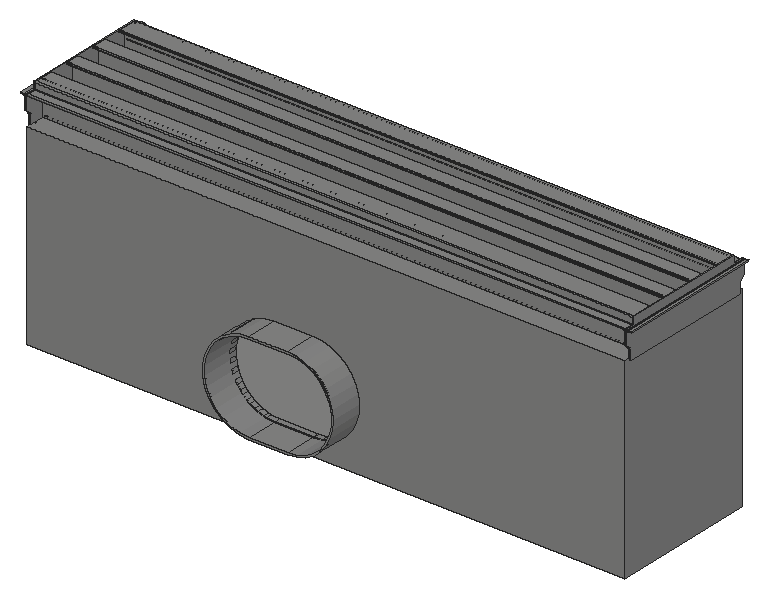
Revit family "Diffuser-Carnes-T_Bar_Mount-3-Slot-DHCA", category Duct Accessories, host Face, Revit 2014
Parameters (values of type "See Type Catalog")
  Supply Connector = yes
  Supply Connection = "Diffuser Supply Connector"  # constant formula
  Subcatagory = "Air Distribution"  # constant formula
  Specification Sheet = "http://www.carnes.com/AirDistribution/pdf/13102.pdf"
  Revit Object Download Link = "http://library.smartbim.com/download/Diffuser-Carnes-T_Bar_Mount-3-Slot-DHCA"
  Product Page URL = "http://www.carnes.com/AirDistribution/dhca.phtml"
  Length = 24"
  Inlet Nominal Size Width = 5"
  Inlet Nominal Size Height D = if(Inlet Nominal Size Width > 6", 5 1/4", 3 1/2")  # 3 1/2"
  Height = 9 1/16"  # constant formula
  Flow = 0 CFM
  Description = "Extruded Aluminum 3 Slot Diffuser 15/16In T-Bar Tegular Mount"  # constant formula
  Profile Depth = 5 47/64"
  URL = "http://www.carnes.com/"
  Model = "DHCA"  # constant formula
  Unit = Metal - Carnes - Steel Galvanized
  Manufacturer = "CARNES COMPANY"  # constant formula
  Depth = 2 3/4"
  Default Elevation = 0"
  D Depth = 5.75918"
  Catalog = "http://www.carnes.com/AirDistribution/pdf/a462-465.pdf"
  Box Length = Length - 1/2"  # 23 1/2"
  B Radius = Inlet Width + 3"  # 9 1/2"
  Inlet Width = 6 1/2"
  Assembly Code = ""
  Inlet Offset = 10 1/2"
  95 CSI = ""
  04 CSI = ""
Reference planes (in)
  plane 1 "Center (Front/Back)": y = 0
  plane 2: z = 0
  plane 3 "Center (Left/Right)": x = 0.94
  plane 4: z = -1.25
  plane 5: y = 2.86719
  plane 6: y = -2.86719
  plane 7: z = 1.44451
  plane 8: x = -11.06
  plane 9: x = 12.94
  plane 10: z = -8.05549
  plane 11: z = -9.0625
Forms (in)
  Extrusion 1, void
    sketch origin (0.94, 0, 0) x (0, 1, 0) y (0, 0, 1)
      loop
        line (-2.86719, 1.44451) -> (-2.86719, -8.05549) -> (2.85478, -8.05549) -> (2.89199, 1.44451) -> (-2.86719, 1.44451)
    from -12 to 12
Dimensions and locks (in)
  locked: plane 2 to plane 4 at 1.25
  equal spacing: plane 6, plane 1 "Center (Front/Back)", plane 5
  "Profile Depth": plane 6 to plane 5
  locked: plane 7 to host face at 1.44451
  equal spacing: plane 8, plane 3 "Center (Left/Right)", plane 9
  "Length": plane 8 to plane 9
  "D Depth": Extrusion 1 sketch curve to Extrusion 1 sketch curve
  plane 2 to plane 10 = 8.05549"
  "Height": plane 2 to plane 11
  equal spacing: host sketch curve, plane 1 "Center (Front/Back)", host sketch curve
  equal spacing: host sketch curve, plane 3 "Center (Left/Right)", host sketch curve
  aligned and locked: plane 2 to host face
  aligned and locked: level to host face
  aligned and locked: Extrusion 1 to plane 7
  aligned and locked: Extrusion 1 to plane 10
  aligned and locked: plane 9 to Extrusion 1
  aligned and locked: plane 8 to Extrusion 1
  aligned and locked: Extrusion 1 sketch curve to nested 1
  aligned and locked: plane 1 "Center (Front/Back)" to nested 1
  aligned and locked: nested 1 to plane 3 "Center (Left/Right)"
  aligned and locked: plane 1 "Center (Front/Back)" to nested 2
  aligned and locked: nested 2 to plane 3 "Center (Left/Right)"
Automatic sketch dimensions
  Extrusion 1 sketch curve to plane 10 = 0"
  plane 7 to Extrusion 1 sketch curve = 0"
  plane 5 to Extrusion 1 sketch curve = 0.0124"
Nested families (in)
  nested 1: "602-1101" at (1.88, 0, 0.04219) x (-1, 0, 0) z (0, 0, -1), type "Slot 3"
  nested 2: "CXPC" at (1.88, 0, 0.05188) x (-1, 0, 0) z (0, 0, -1), type "Parametric"
Connectors (in)
  hvac at (-0.31, -4.12959, -6.58911), driven by "Inlet Nominal Size Height D", driven by "Inlet Nominal Size Width", driven by "Supply Connector", driven by "Supply Connection"
    settings: on nested 2, index 1, duct flow 0 CFM, flow factor 0, pres drop 0.00 in-wg, loss coef 0, conn angle 0.00°, conn width 5", conn height 3 1/2", conn diameter 24", duct sys type 1, conn prof type 2, flow config 1, flow direction 1, loss method 0, conn ref index -1, conn util yes, is conn primary yes, conn desc "Diffuser Supply Connector"
Definition of nested family "602-1101"
  Parameters (values of type "Slot 3")
    Supply Connector = yes
    Supply Connection = ""
    Subcatagory = ""
    Specification Sheet = ""
    Product Page URL = ""
    Length = 24"
    URL = ""
    Model = "602-1091"  # constant formula
    Unit = Metal - Carnes - Steel Galvanized
    Manufacturer = ""
    Height = 1 57/128"  # constant formula
    Flow = 0 CFM
    Description = ""
    Depth = 5 47/64"  # constant formula
    Default Elevation = 0"
    Catalog = ""
    Assembly Code = ""
    95 CSI = ""
    04 CSI = ""
  Reference planes (in)
    plane 1 "Center (Front/Back)": y = 0
    plane 2: z = 0
    plane 3 "Center (Left/Right)": x = 0.94
    plane 4: z = -1.25
    plane 5: x = -11.06
    plane 6: x = 12.94
    plane 7: y = 2.86719
    plane 8: y = -2.86719
    plane 9: z = 1.44531
  Forms (in)
    Extrusion 1, solid
      sketch origin (0, 0, 0) x (1, 0, 0) y (0, 1, 0)
        loop
          line (-11.06, 2.86719) -> (-11.06, -2.86719) -> (12.94, -2.86719) -> (12.94, 2.86719) -> (-11.06, 2.86719)
      from 0 to -1
  Dimensions and locks (in)
    locked: plane 2 to plane 4 at 1.25
    equal spacing: plane 8, plane 1 "Center (Front/Back)", plane 7
    "Depth": plane 8 to plane 7
    equal spacing: plane 5, plane 3 "Center (Left/Right)", plane 6
    "Length": plane 5 to plane 6
    "Height": plane 9 to Extrusion 1
    aligned and locked: plane 2 to Extrusion 1
    aligned and locked: level to Extrusion 1
    aligned and locked: plane 7 to Extrusion 1 sketch curve
    aligned and locked: Extrusion 1 sketch curve to plane 8
    aligned and locked: Extrusion 1 sketch curve to plane 6
    aligned and locked: Extrusion 1 sketch curve to plane 5
  Nested families (in)
    nested 1: "602-1101-3Slot" at (-0.0019, 0, -0.00186) x (1, 0, -0.0002) z (0.0002, 0, 1), type "Standard"
  Definition of nested family "602-1101-3Slot"
    Parameters (values of type "Standard")
      Length = 24"
      URL = ""
      Model = "DARD"  # constant formula
      Unit = Metal - Carnes - Steel Galvanized
      Manufacturer = ""
      Height = 1 57/128"
      Depth = 5 47/64"
      Default Elevation = 0"
      Assembly Code = ""
      95 CSI = ""
      04 CSI = ""
    Reference planes (in)
      plane 1 "Center (Front/Back)": y = 0
      plane 2: z = 0
      plane 3 "Center (Left/Right)": x = 0.94
      plane 4: x = 12.94
      plane 5: x = -11.06
      plane 6: x = -10.84125
      plane 7: x = 12.72125
      plane 8: y = 2.86719
      plane 9: y = -2.86719
      plane 10: z = 1.44531
      plane 11: x = -10.80609
      plane 12: x = 12.68609
    Forms (in)
      Extrusion 1, solid
        sketch origin (0, -5, 0) x (1, 0, 0) y (0, 1, 0)
          loop
            line (-11.06, 7.86719) -> (-11.06, 2.13281) -> (12.94, 2.13281) -> (12.94, 7.86719) -> (-11.06, 7.86719)
        from 0 to -1
      Sweep 2, solid, material "Metal - Carnes - Steel Galvanized" <- "Unit"
        path origin (0, 0, 0) x (1, 0, 0) y (0, 0, 1)
          loop
            line (-10.80609, 0) -> (12.68609, 0)
        profile origin (0.94, 0, 0) x (0, 0, 1) y (0, -1, 0)
          loop
            arc (0, -2.41798) -> (0.00982, -2.44168) -> (0.03352, -2.4515) r 0.03352
            line (0.03352, -2.4515) -> (0.26692, -2.45154)
            arc (0.26692, -2.45154) -> (0.28218, -2.45787) -> (0.2885, -2.47313) r 0.02159
            line (0.2885, -2.47313) -> (0.2885, -2.80331)
            arc (0.2885, -2.80331) -> (0.3135, -2.82831) -> (0.3385, -2.80331) r 0.025
            line (0.3385, -2.80331) -> (0.3385, -2.42214)
            arc (0.3385, -2.42214) -> (0.33247, -2.40758) -> (0.31792, -2.40155) r 0.02058
            line (0.31792, -2.40155) -> (0.08017, -2.40151)
            arc (0.08017, -2.40151) -> (0.06561, -2.39548) -> (0.05958, -2.38091) r 0.0206
            line (0.05958, -2.38091) -> (0.05963, -2.08983)
            arc (0.05963, -2.08983) -> (0.06587, -2.07476) -> (0.08095, -2.06851) r 0.02132
            line (0.08095, -2.06851) -> (0.12164, -2.06851) -> (0.12164, -2.01851) -> (0.05971, -2.01851) -> (0.05971, -1.94951) -> (0.60565, -1.9496) -> (0.60565, -2.01579) -> (0.54364, -2.01579) -> (0.54364, -2.04655)
            arc (0.54364, -2.04655) -> (0.54989, -2.06165) -> (0.56499, -2.06791) r 0.02135
            line (0.56499, -2.06791) -> (0.63371, -2.06791)
            arc (0.63371, -2.06791) -> (0.64992, -2.06119) -> (0.65663, -2.04499) r 0.02292
            line (0.65663, -2.04499) -> (0.65663, -1.9706)
            arc (0.65663, -1.9706) -> (0.66278, -1.95576) -> (0.67762, -1.94962) r 0.02098
            line (0.67762, -1.94962) -> (1.42254, -1.94975)
            arc (1.42254, -1.94975) -> (1.43835, -1.9432) -> (1.44491, -1.92739) r 0.02236
            line (1.44491, -1.92739) -> (1.44493, -1.79691)
            arc (1.44493, -1.79691) -> (1.43873, -1.78195) -> (1.42377, -1.77575) r 0.02116
            line (1.42377, -1.77575) -> (1.32645, -1.77573)
            arc (1.32645, -1.77573) -> (1.31176, -1.78181) -> (1.30568, -1.7965) r 0.02077
            line (1.30568, -1.7965) -> (1.30567, -1.85173) -> (1.36767, -1.85174) -> (1.36766, -1.89974) -> (0.08966, -1.89951) -> (0.08966, -1.85152) -> (0.15149, -1.85152) -> (0.15149, -1.79603)
            arc (0.15149, -1.79603) -> (0.14542, -1.78138) -> (0.13076, -1.7753) r 0.02073
            line (0.13076, -1.7753) -> (0.07996, -1.7753)
            arc (0.07996, -1.7753) -> (0.06564, -1.76937) -> (0.05971, -1.75505) r 0.02025
            line (0.05971, -1.75505) -> (0.05971, -1.66344)
            arc (0.05971, -1.66344) -> (0.05396, -1.64956) -> (0.04008, -1.64382) r 0.01962
            line (0.04008, -1.64382) -> (0, -1.64382) -> (0, -2.41798)
          loop
            line (0, 2.44142) -> (0, 1.66725) -> (0.04008, 1.66725)
            arc (0.04008, 1.66725) -> (0.05396, 1.673) -> (0.05971, 1.68688) r 0.01962
            line (0.05971, 1.68688) -> (0.05971, 1.77849)
            arc (0.05971, 1.77849) -> (0.06564, 1.79281) -> (0.07996, 1.79874) r 0.02025
            line (0.07996, 1.79874) -> (0.13076, 1.79874)
            arc (0.13076, 1.79874) -> (0.14542, 1.80481) -> (0.15149, 1.81947) r 0.02073
            line (0.15149, 1.81947) -> (0.15149, 1.87496) -> (0.08966, 1.87496) -> (0.08966, 1.92295) -> (1.36766, 1.92318) -> (1.36767, 1.87518) -> (1.30567, 1.87517) -> (1.30568, 1.81993)
            arc (1.30568, 1.81993) -> (1.31176, 1.80525) -> (1.32645, 1.79917) r 0.02077
            line (1.32645, 1.79917) -> (1.42377, 1.79919)
            arc (1.42377, 1.79919) -> (1.43873, 1.80539) -> (1.44493, 1.82035) r 0.02116
            line (1.44493, 1.82035) -> (1.44491, 1.95083)
            arc (1.44491, 1.95083) -> (1.43835, 1.96664) -> (1.42254, 1.97319) r 0.02236
            line (1.42254, 1.97319) -> (0.67762, 1.97306)
            arc (0.67762, 1.97306) -> (0.66278, 1.9792) -> (0.65663, 1.99404) r 0.02098
            line (0.65663, 1.99404) -> (0.65663, 2.06843)
            arc (0.65663, 2.06843) -> (0.64992, 2.08463) -> (0.63371, 2.09134) r 0.02292
            line (0.63371, 2.09134) -> (0.56499, 2.09134)
            arc (0.56499, 2.09134) -> (0.54989, 2.08509) -> (0.54364, 2.06999) r 0.02135
            line (0.54364, 2.06999) -> (0.54364, 2.03922) -> (0.60565, 2.03922) -> (0.60565, 1.97304) -> (0.05971, 1.97295) -> (0.05971, 2.04195) -> (0.12164, 2.04195) -> (0.12164, 2.09195) -> (0.08095, 2.09195)
            arc (0.08095, 2.09195) -> (0.06587, 2.09819) -> (0.05963, 2.11327) r 0.02132
            line (0.05963, 2.11327) -> (0.05958, 2.40434)
            arc (0.05958, 2.40434) -> (0.06561, 2.41891) -> (0.08017, 2.42495) r 0.0206
            line (0.08017, 2.42495) -> (0.31792, 2.42499)
            arc (0.31792, 2.42499) -> (0.33247, 2.43102) -> (0.3385, 2.44557) r 0.02058
            line (0.3385, 2.44557) -> (0.3385, 2.82675)
            arc (0.3385, 2.82675) -> (0.3135, 2.85175) -> (0.2885, 2.82675) r 0.025
            line (0.2885, 2.82675) -> (0.2885, 2.49657)
            arc (0.2885, 2.49657) -> (0.28218, 2.48131) -> (0.26692, 2.47498) r 0.02159
            line (0.26692, 2.47498) -> (0.03352, 2.47494)
            arc (0.03352, 2.47494) -> (0.00982, 2.46512) -> (0, 2.44142) r 0.03352
          loop
            line (1.44493, 0.53129) -> (1.44493, 0.78129)
            arc (1.44493, 0.78129) -> (1.43873, 0.79625) -> (1.42377, 0.80245) r 0.02116
            line (1.42377, 0.80245) -> (1.32645, 0.80247)
            arc (1.32645, 0.80247) -> (1.31176, 0.79639) -> (1.30568, 0.7817) r 0.02077
            line (1.30568, 0.7817) -> (1.30567, 0.72647) -> (1.36767, 0.72646) -> (1.36766, 0.67846) -> (0.08966, 0.67869) -> (0.08966, 0.72668) -> (0.15149, 0.72668) -> (0.15149, 0.78217)
            arc (0.15149, 0.78217) -> (0.14542, 0.79682) -> (0.13076, 0.80289) r 0.02073
            line (0.13076, 0.80289) -> (0.07996, 0.80289)
            arc (0.07996, 0.80289) -> (0.06564, 0.80883) -> (0.05971, 0.82315) r 0.02025
            line (0.05971, 0.82315) -> (0.05971, 0.91476)
            arc (0.05971, 0.91476) -> (0.05396, 0.92864) -> (0.04008, 0.93438) r 0.01962
            line (0.04008, 0.93438) -> (0, 0.93438) -> (0, 0.37819) -> (0.04008, 0.37819)
            arc (0.04008, 0.37819) -> (0.05396, 0.38394) -> (0.05971, 0.39782) r 0.01962
            line (0.05971, 0.39782) -> (0.05971, 0.48943)
            arc (0.05971, 0.48943) -> (0.06564, 0.50375) -> (0.07996, 0.50968) r 0.02025
            line (0.07996, 0.50968) -> (0.13076, 0.50968)
            arc (0.13076, 0.50968) -> (0.14542, 0.51575) -> (0.15149, 0.53041) r 0.02073
            line (0.15149, 0.53041) -> (0.15149, 0.5859) -> (0.08966, 0.5859) -> (0.08966, 0.63389) -> (1.36766, 0.63411) -> (1.36767, 0.58611) -> (1.30567, 0.5861) -> (1.30568, 0.53087)
            arc (1.30568, 0.53087) -> (1.31176, 0.51619) -> (1.32645, 0.51011) r 0.02077
            line (1.32645, 0.51011) -> (1.42377, 0.51012)
            arc (1.42377, 0.51012) -> (1.43873, 0.51632) -> (1.44493, 0.53129) r 0.02116
          loop
            arc (1.44493, -0.50785) -> (1.43873, -0.49289) -> (1.42377, -0.48669) r 0.02116
            line (1.42377, -0.48669) -> (1.32645, -0.48667)
            arc (1.32645, -0.48667) -> (1.31176, -0.49275) -> (1.30568, -0.50743) r 0.02077
            line (1.30568, -0.50743) -> (1.30567, -0.56267) -> (1.36767, -0.56268) -> (1.36766, -0.61068) -> (0.08966, -0.61045) -> (0.08966, -0.56246) -> (0.15149, -0.56246) -> (0.15149, -0.50697)
            arc (0.15149, -0.50697) -> (0.14542, -0.49231) -> (0.13076, -0.48624) r 0.02073
            line (0.13076, -0.48624) -> (0.07996, -0.48624)
            arc (0.07996, -0.48624) -> (0.06564, -0.48031) -> (0.05971, -0.46599) r 0.02025
            line (0.05971, -0.46599) -> (0.05971, -0.37438)
            arc (0.05971, -0.37438) -> (0.05396, -0.3605) -> (0.04008, -0.35475) r 0.01962
            line (0.04008, -0.35475) -> (0, -0.35475) -> (0, -0.91095) -> (0.04008, -0.91095)
            arc (0.04008, -0.91095) -> (0.05396, -0.9052) -> (0.05971, -0.89132) r 0.01962
            line (0.05971, -0.89132) -> (0.05971, -0.79971)
            arc (0.05971, -0.79971) -> (0.06564, -0.78539) -> (0.07996, -0.77946) r 0.02025
            line (0.07996, -0.77946) -> (0.13076, -0.77946)
            arc (0.13076, -0.77946) -> (0.14542, -0.77339) -> (0.15149, -0.75873) r 0.02073
            line (0.15149, -0.75873) -> (0.15149, -0.70324) -> (0.08966, -0.70324) -> (0.08966, -0.65525) -> (1.36766, -0.65502) -> (1.36767, -0.70302) -> (1.30567, -0.70303) -> (1.30568, -0.75827)
            arc (1.30568, -0.75827) -> (1.31176, -0.77295) -> (1.32645, -0.77903) r 0.02077
            line (1.32645, -0.77903) -> (1.42377, -0.77901)
            arc (1.42377, -0.77901) -> (1.43873, -0.77281) -> (1.44493, -0.75785) r 0.02116
            line (1.44493, -0.75785) -> (1.44493, -0.50785)
      Sweep 3, solid, material "Metal - Carnes - Steel Galvanized" <- "Unit"
        path origin (0.94, 0, 0) x (0, 1, 0) y (0, 0, 1)
          loop
            line (2.86719, 1.44531) -> (-2.86719, 1.44531)
        profile origin (0.94, 0, 1.44531) x (0, 0, -1) y (1, 0, 0)
          loop
            line (1.08919, -11.78125) -> (0, -11.78125) -> (0, -11.81789) -> (1.08734, -11.81789)
            arc (1.08734, -11.81789) -> (1.1101, -11.82732) -> (1.11953, -11.85009) r 0.0322
            line (1.11953, -11.85009) -> (1.11953, -12) -> (1.15543, -12) -> (1.15543, -11.8475)
            arc (1.15543, -11.8475) -> (1.13603, -11.80065) -> (1.08919, -11.78125) r 0.06625
          loop
            arc (1.08919, 11.78125) -> (1.13603, 11.80065) -> (1.15543, 11.8475) r 0.06625
            line (1.15543, 11.8475) -> (1.15543, 12) -> (1.11953, 12) -> (1.11953, 11.85009)
            arc (1.11953, 11.85009) -> (1.1101, 11.82732) -> (1.08734, 11.81789) r 0.0322
            line (1.08734, 11.81789) -> (0, 11.81789) -> (0, 11.78125) -> (1.08919, 11.78125)
      Extrusion 4, void
        sketch origin (0.94, 0, 0) x (0, 1, 0) y (0, 0, 1)
          loop
            line (2.72305, 0.99566) -> (2.86719, 0.85147) -> (2.86719, 1.44531) -> (2.62305, 1.44531)
            arc (2.62305, 1.44531) -> (2.66322, 1.42867) -> (2.67986, 1.38849) r 0.05681
            line (2.67986, 1.38849) -> (2.67981, 1.10012)
            arc (2.67981, 1.10012) -> (2.69104, 1.04358) -> (2.72305, 0.99566) r 0.14772
          loop
            arc (-2.72305, 0.99566) -> (-2.69104, 1.04358) -> (-2.67981, 1.10012) r 0.14772
            line (-2.67981, 1.10012) -> (-2.67986, 1.38849)
            arc (-2.67986, 1.38849) -> (-2.66322, 1.42867) -> (-2.62305, 1.44531) r 0.05681
            line (-2.62305, 1.44531) -> (-2.86719, 1.44531) -> (-2.86719, 0.85147) -> (-2.72305, 0.99566)
        from -12 to 12
      Sweep 5, solid, material "Metal - Carnes - Steel Galvanized" <- "Unit"
        path origin (0, 0, 0) x (1, 0, 0) y (0, 0, 1)
          loop
            line (12.72125, 0.85147) -> (12.68609, 0.85147)
        profile origin (12.70367, 0, 0.85147) x (0, 0, -1) y (0, -1, 0)
          loop
            line (-0.59384, -2.86719) -> (0.56159, -2.86719) -> (0.56297, -2.47313)
            arc (0.56297, -2.47313) -> (0.56929, -2.45787) -> (0.58455, -2.45154) r 0.02159
            line (0.58455, -2.45154) -> (0.81795, -2.4515)
            arc (0.81795, -2.4515) -> (0.84165, -2.44168) -> (0.85147, -2.41798) r 0.03352
            line (0.85147, -2.41798) -> (0.85147, 2.44142)
            arc (0.85147, 2.44142) -> (0.84165, 2.46512) -> (0.81795, 2.47494) r 0.03352
            line (0.81795, 2.47494) -> (0.58455, 2.47498)
            arc (0.58455, 2.47498) -> (0.56929, 2.48131) -> (0.56297, 2.49657) r 0.02159
            line (0.56297, 2.49657) -> (0.56297, 2.86719) -> (-0.59384, 2.86719) -> (-0.59384, -2.86719)
      Sweep 6, solid, material "Metal - Carnes - Steel Galvanized" <- "Unit"
        path origin (0, 0, 0) x (1, 0, 0) y (0, 0, 1)
          loop
            line (-10.84125, 0.85147) -> (-10.80609, 0.85147)
        profile origin (-10.82367, 0, 0.85147) x (0, 0, 1) y (0, -1, 0)
          loop
            line (0.59384, 2.86719) -> (-0.56297, 2.86719) -> (-0.56297, 2.49657)
            arc (-0.56297, 2.49657) -> (-0.56929, 2.48131) -> (-0.58455, 2.47498) r 0.02159
            line (-0.58455, 2.47498) -> (-0.81795, 2.47494)
            arc (-0.81795, 2.47494) -> (-0.84165, 2.46512) -> (-0.85147, 2.44142) r 0.03352
            line (-0.85147, 2.44142) -> (-0.85147, -2.41798)
            arc (-0.85147, -2.41798) -> (-0.84165, -2.44168) -> (-0.81795, -2.4515) r 0.03352
            line (-0.81795, -2.4515) -> (-0.58455, -2.45154)
            arc (-0.58455, -2.45154) -> (-0.56929, -2.45787) -> (-0.56297, -2.47313) r 0.02159
            line (-0.56297, -2.47313) -> (-0.56297, -2.86719) -> (0.59384, -2.86719) -> (0.59384, 2.86719)
    Cuts and joins
      Extrusion 4 cuts Sweep 3
      Extrusion 4 cuts Sweep 5
      Extrusion 4 cuts Sweep 6
    Lines and regions (in)
      Masking region 1
        outline origin (0, 0, 0) x (1, 0, 0) y (0, 1, 0)
          loop
            line (-10.84125, 2.86719) -> (-11.06, 2.86719) -> (-11.06, -2.86719) -> (-10.84125, -2.86719) -> (-10.84125, -2.82749) -> (12.72125, -2.82749) -> (12.72125, -2.86719) -> (12.94, -2.86719) -> (12.94, 2.86719) -> (12.72125, 2.86719) -> (12.72125, 2.82749) -> (-10.84125, 2.82749) -> (-10.84125, 2.86719)
      symbolic lines, style "Diffuser"
        curve 1: line (-10.87789, 2.86719, 0) -> (-10.87789, -2.86719, 0)
        curve 2: line (-10.84125, -2.85093, 0) -> (-10.84125, 2.82749, 0)
        curve 3: line (12.72125, -1.66643, 0) -> (-10.84125, -1.66643, 0)
        curve 4: line (12.75789, -2.86719, 0) -> (12.75789, 2.86719, 0)
        curve 5: line (12.72125, -2.85093, 0) -> (12.72125, 2.82749, 0)
        curve 6: line (12.72125, 1.66725, 0) -> (-10.84125, 1.66725, 0)
        curve 7: line (12.72125, 0.91095, 0) -> (-10.84125, 0.91095, 0)
        curve 8: line (-10.84125, 0.35475, 0) -> (12.72125, 0.35475, 0)
        curve 9: line (-10.84125, -0.93356, 0) -> (12.72125, -0.93356, 0)
        curve 10: line (-10.84125, -0.37737, 0) -> (12.72125, -0.37737, 0)
    Dimensions and locks (in)
      locked: plane 6 to plane 5 at 0.21875
      locked: plane 4 to plane 7 at 0.21875
      equal spacing: plane 4, plane 3 "Center (Left/Right)", plane 5
      "Length": plane 4 to plane 5
      equal spacing: plane 8, plane 1 "Center (Front/Back)", plane 9
      "Depth": plane 9 to plane 8
      "Height": plane 10 to Extrusion 1
      locked: Sweep 5 sketch curve to Sweep 5 sketch curve at 0.03516
      locked: plane 7 to plane 12 at 0.03516
      locked: Sweep 6 sketch curve to Sweep 6 sketch curve at 0.03516
      locked: plane 6 to plane 11 at 0.03516
      aligned and locked: plane 2 to Extrusion 1
      aligned and locked: level to Extrusion 1
      aligned and locked: Sweep 3 sketch curve to plane 6
      aligned and locked: plane 7 to Sweep 3 sketch curve
      aligned and locked: Extrusion 4 to plane 4
      aligned and locked: Extrusion 4 to plane 5
      aligned and locked: plane 11 to Sweep 2 sketch curve
      aligned and locked: plane 12 to Sweep 2 sketch curve
      aligned and locked: plane 7 to Sweep 5 sketch curve
      aligned and locked: plane 6 to Sweep 6 sketch curve
      aligned and locked: Extrusion 1 sketch curve to plane 9
      aligned and locked: plane 5 to Extrusion 1 sketch curve
      aligned and locked: Extrusion 1 sketch curve to plane 8
      aligned and locked: plane 4 to Extrusion 1 sketch curve
    Automatic sketch dimensions
      Sweep 2 sketch curve to level = 0"
      profile plane to Sweep 2 sketch curve = 0"  (x4)
      Sweep 2 sketch curve to profile plane = 0.03352"  (x3)
      Sweep 2 sketch curve to Sweep 2 sketch curve = 0.03352"
      Sweep 2 sketch curve to Sweep 2 sketch curve = 0.04008"  (x5)
      Sweep 2 sketch curve to profile plane = 0.04008"
      Sweep 2 sketch curve to Sweep 2 sketch curve = 0.02605"  (x2)
      Sweep 2 sketch curve to profile plane = 0.05963"  (x2)
      Sweep 2 sketch curve to profile plane = 0.05971"  (x7)
      Sweep 2 sketch curve to Sweep 2 sketch curve = 0.01962"
      Sweep 2 sketch curve to Sweep 2 sketch curve = 0.02025"  (x6)
      Sweep 2 sketch curve to Sweep 2 sketch curve = 0.0206"  (x2)
      Sweep 2 sketch curve to Sweep 2 sketch curve = 0"  (x44)
      Sweep 2 sketch curve to Sweep 2 sketch curve = 0.02132"  (x4)
      Sweep 2 sketch curve to profile plane = 0.08966"  (x2)
      Sweep 2 sketch curve to Sweep 2 sketch curve = 0.0097"
      Sweep 2 sketch curve to Sweep 2 sketch curve = 0.02995"  (x2)
      Sweep 2 sketch curve to Sweep 2 sketch curve = 0.04069"
      Sweep 2 sketch curve to Sweep 2 sketch curve = 0.06193"
      Sweep 2 sketch curve to Sweep 2 sketch curve = 0.0508"  (x6)
      Sweep 2 sketch curve to Sweep 2 sketch curve = 0.02073"  (x6)
      Sweep 2 sketch curve to Sweep 2 sketch curve = 0.18674"  (x2)
      Sweep 2 sketch curve to Sweep 2 sketch curve = 0.02159"
      Sweep 2 sketch curve to profile plane = 0.2885"
      Sweep 2 sketch curve to Sweep 2 sketch curve = 0.025"  (x2)
      Sweep 2 sketch curve to Sweep 2 sketch curve = 0.02058"  (x2)
      Sweep 2 sketch curve to Sweep 2 sketch curve = 0.422"  (x2)
      Sweep 2 sketch curve to Sweep 2 sketch curve = 0.02135"  (x2)
      Sweep 2 sketch curve to Sweep 2 sketch curve = 0.06201"  (x2)
      Sweep 2 sketch curve to Sweep 2 sketch curve = 0.02806"  (x2)
      Sweep 2 sketch curve to Sweep 2 sketch curve = 0.02292"  (x2)
      Sweep 2 sketch curve to Sweep 2 sketch curve = 0.02098"  (x2)
      Sweep 2 sketch curve to Sweep 2 sketch curve = 0.62805"  (x2)
      Sweep 2 sketch curve to Sweep 2 sketch curve = 1.15418"  (x2)
      plane 1 "Center (Front/Back)" to Sweep 2 sketch curve = 0.53087"
      plane 1 "Center (Front/Back)" to Sweep 2 sketch curve = 0.7817"
      Sweep 2 sketch curve to plane 1 "Center (Front/Back)" = 0.50743"
      Sweep 2 sketch curve to plane 1 "Center (Front/Back)" = 0.75827"
      Sweep 2 sketch curve to Sweep 2 sketch curve = 0.02077"  (x6)
      Sweep 2 sketch curve to plane 1 "Center (Front/Back)" = 0.48667"
      plane 1 "Center (Front/Back)" to Sweep 2 sketch curve = 0.51011"
      plane 1 "Center (Front/Back)" to Sweep 2 sketch curve = 0.63411"
      Sweep 2 sketch curve to Sweep 2 sketch curve = 0.06199"  (x4)
      plane 1 "Center (Front/Back)" to Sweep 2 sketch curve = 0.67846"
      Sweep 2 sketch curve to plane 1 "Center (Front/Back)" = 0.65502"
      Sweep 2 sketch curve to plane 1 "Center (Front/Back)" = 0.61068"
      Sweep 2 sketch curve to plane 1 "Center (Front/Back)" = 0.56268"
      plane 1 "Center (Front/Back)" to Sweep 2 sketch curve = 0.58611"
      Sweep 2 sketch curve to plane 1 "Center (Front/Back)" = 0.70302"
      plane 1 "Center (Front/Back)" to Sweep 2 sketch curve = 0.72646"
      Sweep 2 sketch curve to Sweep 2 sketch curve = 0.05488"  (x2)
      Sweep 2 sketch curve to Sweep 2 sketch curve = 0.0561"  (x6)
      plane 1 "Center (Front/Back)" to Sweep 2 sketch curve = 0.51012"
      Sweep 2 sketch curve to plane 1 "Center (Front/Back)" = 0.77901"
      plane 1 "Center (Front/Back)" to Sweep 2 sketch curve = 0.80245"
      Sweep 2 sketch curve to plane 1 "Center (Front/Back)" = 0.48669"
      Sweep 2 sketch curve to Sweep 2 sketch curve = 0.02236"  (x2)
      Sweep 2 sketch curve to Sweep 2 sketch curve = 0.02116"  (x6)
      Sweep 2 sketch curve to Sweep 2 sketch curve = 0.02076"  (x3)
      Sweep 2 sketch curve to Sweep 2 sketch curve = 0.12421"
      Sweep 2 sketch curve to Sweep 2 sketch curve = 0.09161"  (x6)
      Sweep 2 sketch curve to Sweep 2 sketch curve = 0.73287"  (x2)
      Sweep 2 sketch curve to Sweep 2 sketch curve = 0.9967"  (x2)
      Sweep 2 sketch curve to Sweep 2 sketch curve = 0.05549"  (x5)
      Sweep 2 sketch curve to Sweep 2 sketch curve = 0.05523"  (x2)
      Sweep 2 sketch curve to Sweep 2 sketch curve = 0.02765"  (x2)
      Sweep 2 sketch curve to Sweep 2 sketch curve = 0.04999"  (x2)
      Sweep 2 sketch curve to Sweep 2 sketch curve = 0.09808"  (x2)
      Sweep 2 sketch curve to Sweep 2 sketch curve = 0.06618"  (x2)
      Sweep 2 sketch curve to Sweep 2 sketch curve = 0.069"  (x2)
      Sweep 2 sketch curve to Sweep 2 sketch curve = 0.0292"  (x2)
      Sweep 2 sketch curve to Sweep 2 sketch curve = 0.05"  (x2)
      Sweep 2 sketch curve to Sweep 2 sketch curve = 0.29108"  (x2)
      Sweep 2 sketch curve to Sweep 2 sketch curve = 0.00004"  (x2)
      Sweep 2 sketch curve to Sweep 2 sketch curve = 0.03707"  (x2)
      Sweep 2 sketch curve to Sweep 2 sketch curve = 0.02941"  (x2)
      Sweep 2 sketch curve to Sweep 2 sketch curve = 0.33018"  (x2)
      Sweep 2 sketch curve to Sweep 2 sketch curve = 0.04799"  (x3)
      Sweep 2 sketch curve to Sweep 2 sketch curve = 0.2557"
      Sweep 3 sketch curve to plane 9 = 0"
      Sweep 3 sketch curve to plane 8 = 0"
      plane 10 to Sweep 3 sketch curve = 0"
      Sweep 3 sketch curve to profile plane = 0"  (x2)
      Sweep 3 sketch curve to Sweep 3 sketch curve = 1.08734"  (x2)
      Sweep 3 sketch curve to Sweep 3 sketch curve = 0.00185"  (x2)
      Sweep 3 sketch curve to Sweep 3 sketch curve = 0.0322"
      Sweep 3 sketch curve to Sweep 3 sketch curve = 0.03035"
      Sweep 3 sketch curve to Sweep 3 sketch curve = 0.0359"  (x2)
      Sweep 3 sketch curve to Sweep 3 sketch curve = 0.00259"
      Sweep 3 sketch curve to Sweep 3 sketch curve = 0.1525"
      Sweep 3 sketch curve to Sweep 3 sketch curve = 0.03664"
      Sweep 3 sketch curve to Sweep 3 sketch curve = 0.14991"
      Extrusion 4 sketch curve to plane 9 = 0"
      plane 10 to Extrusion 4 sketch curve = 0"  (x2)
      Extrusion 4 sketch curve to plane 8 = 0"
      Extrusion 4 sketch curve to plane 9 = 0.03966"
      Extrusion 4 sketch curve to plane 9 = 0.14413"
      plane 10 to Extrusion 4 sketch curve = 0.05682"  (x2)
      Extrusion 4 sketch curve to plane 9 = 0.18733"
      Extrusion 4 sketch curve to Extrusion 4 sketch curve = 0.04325"  (x2)
      Extrusion 4 sketch curve to Extrusion 4 sketch curve = 0.05681"
      plane 10 to Extrusion 4 sketch curve = 0.05681"
      Extrusion 4 sketch curve to plane 8 = 0.24414"
      Extrusion 4 sketch curve to plane 8 = 0.18738"
      Extrusion 4 sketch curve to plane 8 = 0.03966"
      Extrusion 4 sketch curve to Extrusion 4 sketch curve = 0.28838"  (x2)
      Extrusion 4 sketch curve to Extrusion 4 sketch curve = 0.00003"  (x2)
      Extrusion 4 sketch curve to Extrusion 4 sketch curve = 0.14418"  (x2)
      plane 10 to Sweep 5 sketch curve = 0.59384"
      Sweep 5 sketch curve to profile plane = 0.56297"
      Sweep 5 sketch curve to Sweep 5 sketch curve = 0.02159"  (x2)
      plane 1 "Center (Front/Back)" to Sweep 5 sketch curve = 2.49657"
      profile plane to Sweep 5 sketch curve = 0.59384"
      Sweep 5 sketch curve to Sweep 5 sketch curve = 0"  (x5)
      Sweep 5 sketch curve to Sweep 5 sketch curve = 0.37062"
      Sweep 5 sketch curve to Sweep 5 sketch curve = 0.2334"  (x2)
      Sweep 5 sketch curve to Sweep 5 sketch curve = 0.00004"  (x2)
      Sweep 5 sketch curve to Sweep 5 sketch curve = 0.03352"  (x2)
      Sweep 5 sketch curve to Sweep 5 sketch curve = 115/256"
      Sweep 5 sketch curve to plane 1 "Center (Front/Back)" = 2.47313"
      Sweep 5 sketch curve to Sweep 5 sketch curve = 0.00138"
      plane 10 to Sweep 6 sketch curve = 0.59384"
      profile plane to Sweep 6 sketch curve = 0.58456"
      Sweep 6 sketch curve to Sweep 6 sketch curve = 0"  (x4)
      plane 1 "Center (Front/Back)" to Sweep 6 sketch curve = 2.47498"
      Sweep 6 sketch curve to Sweep 6 sketch curve = 0.02159"  (x2)
      Sweep 6 sketch curve to Sweep 6 sketch curve = 0.2334"  (x2)
      Sweep 6 sketch curve to profile plane = 0.59384"
      Sweep 6 sketch curve to Sweep 6 sketch curve = 0.00004"  (x2)
      Sweep 6 sketch curve to Sweep 6 sketch curve = 0.37062"
      Sweep 6 sketch curve to Sweep 6 sketch curve = 0.03352"  (x2)
      Sweep 6 sketch curve to plane 1 "Center (Front/Back)" = 2 107/256"
      Sweep 6 sketch curve to Sweep 6 sketch curve = 0.39406"
      plane 9 to curve 1 = 0"
      curve 1 to plane 8 = 0"
      curve 2 to plane 6 = 0"
      curve 8 to plane 7 = 0"
      plane 9 to curve 4 = 0"
      curve 4 to plane 8 = 0"
      plane 6 to curve 1 = 0.03664"
      plane 7 to curve 4 = 0.03664"
      curve 2 to plane 9 = 0.01626"
      curve 5 to plane 9 = 0.01626"
      curve 3 to curve 9 = 0.73287"
      plane 1 "Center (Front/Back)" to curve 10 = 0.37737"
      curve 8 to plane 1 "Center (Front/Back)" = 0.35475"
      curve 8 to curve 7 = 0.55619"
      curve 7 to curve 6 = 0.75631"
      curve 2 to plane 8 = 0.0397"
      curve 5 to plane 8 = 0.0397"
      Masking region 1 sketch curve to plane 5 = 0"
      Masking region 1 sketch curve to plane 6 = 0"  (x2)
      Masking region 1 sketch curve to plane 7 = 0"  (x2)
      Masking region 1 sketch curve to plane 4 = 0"
      plane 9 to Masking region 1 sketch curve = 0"  (x2)
      Masking region 1 sketch curve to plane 8 = 0"  (x2)
      Masking region 1 sketch curve to plane 9 = 0.0397"
      Masking region 1 sketch curve to Masking region 1 sketch curve = 0.0397"
      curve 5 to curve 3 = 1.18449"
Definition of nested family "CXPC"
  Parameters (values of type "Parametric")
    Slot Width = 4 19/128"
    Inlet Nominal Size Width = 5"
    Inlet Nominal Size Height D = if(Inlet Nominal Size Width > 6", 5 1/4", 3 1/2")  # 3 1/2"
    Half Inlet Width = Inlet Nominal Size Width / 2  # 2 1/2"
    Length = 23 1/2"
    Depth = 5.75918"
    Height = 9 1/16"  # constant formula
    URL = "http://www.carnes.com/"
    Model = "DGAA"  # constant formula
    Unit = Metal - Carnes - Steel Galvanized
    Manufacturer = ""
    Default Elevation = 0"
    B Radius = B + 3"  # 9 1/2"
    B = 6 1/2"
    Assembly Code = ""
    A = 10 1/2"
    95 CSI = ""
    04 CSI = ""
  Reference planes (in)
    plane 1 "Center (Front/Back)": y = 0
    plane 2: z = 0
    plane 3 "Center (Left/Right)": x = 0.94
    plane 4: x = -10.81
    plane 5: x = 12.69
    plane 6: z = 9.0625
    plane 7: z = 8.5625
    plane 8: z = 6.5
    plane 9: x = -10.7475
    plane 10: x = 12.6275
    plane 11: z = -18
    plane 12: y = 2.87959
    plane 13: y = 2.62959
    plane 14: y = -2.87959
    plane 15: y = -2.62959
    plane 16: y = -4.12959
    plane 17: x = 2.19
    plane 18: z = 0.84375
    plane 19: y = -2.07422
    plane 20: y = 2.07422
    plane 21: z = 8.39099
    plane 22: z = 4.89099
  Forms (in)
    Extrusion 1, solid
      sketch origin (0, 0, 0) x (1, 0, 0) y (0, 1, 0)
        loop
          line (-13.81, 8.66667) -> (-13.81, -8.66667) -> (15.69, -8.66667) -> (15.69, 8.66667) -> (-13.81, 8.66667)
      from 0 to -1
    Extrusion 2, solid, material "Metal - Carnes - Steel Galvanized" <- "Unit"
      sketch origin (0, 0, 0) x (1, 0, 0) y (0, 0, 1)
        loop
          line (-10.81, 9.0625) -> (-10.81, 8.5625) -> (12.69, 8.5625) -> (12.69, 9.0625) -> (-10.81, 9.0625)
      from -2.62959 to 2.62959
    Extrusion 3, solid, material "Metal - Carnes - Steel Galvanized" <- "Unit"
      sketch origin (0, 0, 0) x (1, 0, 0) y (0, 1, 0)
        loop
          line (-10.81, 2.87959) -> (-10.81, 2.62959) -> (12.69, 2.62959) -> (12.69, 2.87959) -> (-10.81, 2.87959)
        loop
          line (-10.81, -2.62959) -> (-10.81, -2.87959) -> (12.69, -2.87959) -> (12.69, -2.62959) -> (-10.81, -2.62959)
      from 1.4375 to 9.0625
    Sweep 4, solid, material "Metal - Carnes - Steel Galvanized" <- "Unit"
      path in 3D
        loop
          line (-10.81, -2.62959, 1.4375) -> (12.69, -2.62959, 1.4375)
      profile origin (0.94, -2.62959, 1.4375) x (0, -1, 0) y (0, 0, -1)
        loop
          line (-4.70381, 0) -> (-4.70381, 0.89784)
          arc (-4.70381, 0.89784) -> (-4.6731, 0.92855) -> (-4.64239, 0.89784) r 0.03071
          line (-4.64239, 0.89784) -> (-4.64239, 0.83461) -> (-4.61114, 0.83461) -> (-4.61114, 0.89765)
          arc (-4.61114, 0.89765) -> (-4.67311, 0.95963) -> (-4.73509, 0.89765) r 0.06198
          line (-4.73509, 0.89765) -> (-4.73509, 0.03125) -> (-5.50918, 0.03125) -> (-5.50918, 0) -> (-4.70381, 0)
        loop
          line (-0.55537, 0) -> (0.25, 0) -> (0.25, 0.03125) -> (-0.52409, 0.03125) -> (-0.52409, 0.89765)
          arc (-0.52409, 0.89765) -> (-0.58607, 0.95963) -> (-0.64804, 0.89765) r 0.06198
          line (-0.64804, 0.89765) -> (-0.64804, 0.83461) -> (-0.61679, 0.83461) -> (-0.61679, 0.89784)
          arc (-0.61679, 0.89784) -> (-0.58608, 0.92855) -> (-0.55537, 0.89784) r 0.03071
          line (-0.55537, 0.89784) -> (-0.55537, 0)
    Extrusion 5, solid, material "Metal - Carnes - Steel Galvanized" <- "Unit"
      sketch origin (12.69, 0, 9.0625) x (0, 0, -1) y (0, 1, 0)
        loop
          line (0, -2.87959) -> (7.625, -2.87959) -> (7.625, 2.87959) -> (0, 2.87959) -> (0, -2.87959)
      from -0.0625 to 0
    Extrusion 6, solid, material "Metal - Carnes - Steel Galvanized" <- "Unit"
      sketch origin (-10.81, 0, 9.0625) x (0, 0, -1) y (0, -1, 0)
        loop
          line (0, 2.87959) -> (0, -2.87959) -> (7.625, -2.87959) -> (7.625, 2.87959) -> (0, 2.87959)
      from -0.0625 to 0
    Extrusion 7, void
      sketch origin (0, 0, 0) x (1, 0, 0) y (0, 0, 1)
        loop
          arc (1.44, 8.39099) -> (-0.31, 6.64099) -> (1.44, 4.89099) r 1.75
          line (1.44, 4.89099) -> (2.94, 4.89099)
          arc (2.94, 4.89099) -> (4.69, 6.64099) -> (2.94, 8.39099) r 1.75
          line (2.94, 8.39099) -> (1.44, 8.39099)
      from 2.87959 to 1.34378
    Extrusion 8, solid, material "Metal - Carnes - Steel Galvanized" <- "Unit"
      sketch origin (-11.06, -0.875, 0) x (1, 0, 0) y (0, 0, 1)
        loop
          arc (12.5, 8.39099) -> (10.75, 6.64099) -> (12.5, 4.89099) r 1.75
          line (12.5, 4.89099) -> (14, 4.89099)
          arc (14, 4.89099) -> (15.75, 6.64099) -> (14, 8.39099) r 1.75
          line (14, 8.39099) -> (12.5, 8.39099)
        loop
          arc (12.5, 8.45349) -> (10.6875, 6.64099) -> (12.5, 4.82849) r 1.8125
          line (12.5, 4.82849) -> (14, 4.82849)
          arc (14, 4.82849) -> (15.8125, 6.64099) -> (14, 8.45349) r 1.8125
          line (14, 8.45349) -> (12.5, 8.45349)
      from 1.75459 to 3.25459
  Cuts and joins
    Extrusion 7 cuts Extrusion 2
    Extrusion 7 cuts Extrusion 3
    Extrusion 7 cuts Sweep 4
    Extrusion 7 cuts Extrusion 5
    Extrusion 7 cuts Extrusion 6
    joined: Extrusion 2, Extrusion 3, Sweep 4, Extrusion 5, Extrusion 6
  Lines and regions (in)
    Masking region 1
      outline origin (0, 0, 0) x (1, 0, 0) y (0, 1, 0)
        loop
          line (-0.31, -4.12959) -> (4.69, -4.12959) -> (4.69, -2.87959) -> (-0.31, -2.87959) -> (-0.31, -4.12959)
    sketch lines
      curve 1: line (-10.81, -2.62959, 1.4375) -> (12.69, -2.62959, 1.4375)
    symbolic lines, style "Diffuser"
      curve 2: line (-10.81, 2.87959, 0) -> (12.69, 2.87959, 0)
      curve 3: line (-10.81, -2.87959, 0) -> (-10.81, 2.87959, 0)
      curve 4: line (12.69, -2.87959, 0) -> (-10.81, -2.87959, 0)
      curve 5: line (12.69, 2.87959, 0) -> (12.69, -2.87959, 0)
  Dimensions and locks (in)
    equal spacing: plane 4, plane 3 "Center (Left/Right)", plane 5
    "Length": plane 4 to plane 5
    "Height": plane 6 to plane 2
    locked: plane 6 to plane 7 at 0.5
    level to plane 11 = 18"
    plane 6 to Extrusion 1 = 9 1/16"
    plane 8 to Extrusion 1 = 6 1/2"
    locked: plane 16 to plane 14 at 1.25
    "Depth": plane 12 to plane 14
    locked: plane 15 to plane 14 at 0.25
    locked: plane 12 to plane 13 at 0.25
    equal spacing: plane 12, plane 1 "Center (Front/Back)", plane 14
    locked: plane 10 to plane 5 at 0.0625
    locked: plane 9 to plane 4 at 0.0625
    "B": plane 8 to plane 2
    "A": plane 17 to plane 5
    locked: plane 18 to plane 2 at 0.84375
    Sweep 4 sketch curve to plane 18 to Sweep 4 sketch curve to Sweep 4 sketch curve to Sweep 4 sketch curve = 9/16" locked, 0.24086" locked, 0.09394" locked, 0.03107" locked  (x2)
    Sweep 4 sketch curve to Sweep 4 sketch curve to plane 19 to Sweep 4 sketch curve = 1/32" locked, 0.06142" locked, 0.03128" locked
    Sweep 4 sketch curve to plane 20 to Sweep 4 sketch curve to Sweep 4 sketch curve = 0.03128" locked, 0.06142" locked, 1/32" locked
    equal spacing: plane 20, plane 1 "Center (Front/Back)", plane 19
    "Slot Width": plane 20 to plane 19
    "Half Inlet Width": plane 17 to Extrusion 8 sketch curve
    "Half Inlet Width": Extrusion 8 sketch curve to plane 17
    "Inlet Nominal Size Height D": plane 21 to plane 22
    equal spacing: Extrusion 1 sketch curve, plane 3 "Center (Left/Right)", Extrusion 1 sketch curve
    equal spacing: Extrusion 1 sketch curve, plane 1 "Center (Front/Back)", Extrusion 1 sketch curve
    equal spacing: Masking region 1 sketch curve, plane 17, Masking region 1 sketch curve
    "Inlet Nominal Size Width": Masking region 1 sketch curve to Masking region 1 sketch curve
    aligned and locked: plane 2 to Extrusion 1
    aligned and locked: level to Extrusion 1
    aligned and locked: Extrusion 2 sketch curve to plane 6
    aligned and locked: Extrusion 2 sketch curve to plane 7
    aligned and locked: Extrusion 2 sketch curve to plane 4
    aligned and locked: plane 5 to Extrusion 2 sketch curve
    aligned and locked: Extrusion 3 sketch curve to plane 12
    aligned and locked: Extrusion 3 sketch curve to plane 13
    aligned and locked: plane 15 to Extrusion 3 sketch curve
    aligned and locked: plane 14 to Extrusion 3 sketch curve
    aligned and locked: Extrusion 3 sketch curve to plane 4
    aligned and locked: plane 5 to Extrusion 3 sketch curve
    aligned and locked: plane 6 to Extrusion 3
    aligned and locked: Extrusion 2 to Extrusion 3  (x2)
    aligned and locked: plane 10 to Extrusion 5
    aligned and locked: Extrusion 5 to plane 5
    aligned and locked: Extrusion 6 sketch curve to cut or joined group of Extrusion 2, Extrusion 3, Sweep 4, Extrusion 5, Extrusion 6, Extrusion 7  (x2)
    aligned and locked: cut or joined group of Extrusion 2, Extrusion 3, Sweep 4, Extrusion 5, Extrusion 6, Extrusion 7 to Extrusion 6 sketch curve
    aligned and locked: plane 9 to Extrusion 6
    aligned and locked: Extrusion 6 to plane 4
    aligned and locked: plane 5 to cut or joined group of Extrusion 2, Extrusion 3, Sweep 4, Extrusion 5, Extrusion 6, Extrusion 7
    aligned and locked: Extrusion 7 to plane 14
    aligned and locked: Extrusion 6 to Extrusion 3
    aligned and locked: cut or joined group of Extrusion 2, Extrusion 3, Sweep 4, Extrusion 5, Extrusion 6, Extrusion 7 to cut or joined group of Extrusion 2, Extrusion 3, Sweep 4, Extrusion 5, Extrusion 6, Extrusion 7
    aligned and locked: plane 12 to Sweep 4 sketch curve
    aligned and locked: Sweep 4 sketch curve to plane 14
    aligned and locked: plane 19 to Sweep 4 sketch curve
    aligned and locked: Sweep 4 sketch curve to plane 20
    aligned and locked: Extrusion 8 to plane 16
    aligned and locked: cut or joined group of Extrusion 2, Extrusion 3, Sweep 4, Extrusion 5, Extrusion 6, Extrusion 7 to Extrusion 8
    aligned and locked: Extrusion 7 sketch curve to Extrusion 8  (x2)
    aligned and locked: Extrusion 8 sketch curve to plane 21
    aligned and locked: plane 22 to Extrusion 8 sketch curve
    aligned and locked: curve 2 to cut or joined group of Extrusion 2, Extrusion 3, Sweep 4, Extrusion 5, Extrusion 6, Extrusion 7
    aligned and locked: curve 3 to cut or joined group of Extrusion 2, Extrusion 3, Sweep 4, Extrusion 5, Extrusion 6, Extrusion 7
    aligned and locked: curve 4 to cut or joined group of Extrusion 2, Extrusion 3, Sweep 4, Extrusion 5, Extrusion 6, Extrusion 7
    aligned and locked: curve 5 to cut or joined group of Extrusion 2, Extrusion 3, Sweep 4, Extrusion 5, Extrusion 6, Extrusion 7
  Automatic sketch dimensions
    Extrusion 3 sketch curve to plane 4 = 0"
    Extrusion 3 sketch curve to plane 5 = 0"
    Extrusion 2 to Extrusion 5 sketch curve = 0"
    Extrusion 5 sketch curve to Extrusion 2 = 1/4"  (x2)
    Extrusion 5 sketch curve to Extrusion 2 = 7 1/8"
    Extrusion 2 to Extrusion 6 sketch curve = 7 1/8"
    profile plane to Sweep 4 sketch curve = 0"  (x2)
    Extrusion 8 sketch curve to Extrusion 8 sketch curve = 0"  (x3)
    Extrusion 8 sketch curve to Extrusion 8 sketch curve = 1/16"
    Masking region 1 sketch curve to plane 16 = 0"
    plane 14 to Masking region 1 sketch curve = 0"
Types in the file's own list only (36): name | Length | Inlet Nominal Size Width | Inlet Nominal Size Height D | D Depth | Box Length | Inlet Offset
  DHCA 24 x 5In | 24" | 5" | 3 1/2" | 5 97/128" | 23 1/2" | 10 1/2"
  DHCA 24 x 6IN | 24" | 6" | 3 1/2" | 5 97/128" | 23 1/2" | 10 1/2"
  DHCA 24 x 7IN | 24" | 7" | 5 1/4" | 5 97/128" | 23 1/2" | 10 1/2"
  DHCA 24 x 8IN | 24" | 8" | 5 1/4" | 5 97/128" | 23 1/2" | 10 1/2"
  DHCA 24 x 10IN | 24" | 10" | 5 1/4" | 5 97/128" | 23 1/2" | 10 1/2"
  DHCA 24 x 12IN | 24" | 12" | 5 1/4" | 5 97/128" | 23 1/2" | 10 1/2"
  DHCA 30 x 5In | 30" | 5" | 3 1/2" | 5 97/128" | 29 1/2" | 14 1/2"
  DHCA 30 x 6IN | 30" | 6" | 3 1/2" | 5 97/128" | 29 1/2" | 14 1/2"
  DHCA 30 x 7IN | 30" | 7" | 5 1/4" | 5 97/128" | 29 1/2" | 14 1/2"
  DHCA 30 x 8IN | 30" | 8" | 5 1/4" | 5 97/128" | 29 1/2" | 14 1/2"
  DHCA 30 x 10IN | 30" | 10" | 5 1/4" | 5 97/128" | 29 1/2" | 14 1/2"
  DHCA 30 x 12IN | 30" | 12" | 5 1/4" | 5 97/128" | 29 1/2" | 14 1/2"
  DHCA 36 x 5In | 36" | 5" | 3 1/2" | 5 97/128" | 35 1/2" | 17 1/2"
  DHCA 36 x 6IN | 36" | 6" | 3 1/2" | 5 97/128" | 35 1/2" | 17 1/2"
  DHCA 36 x 7IN | 36" | 7" | 5 1/4" | 5 97/128" | 35 1/2" | 17 1/2"
  DHCA 36 x 8IN | 36" | 8" | 5 1/4" | 5 97/128" | 35 1/2" | 17 1/2"
  DHCA 36 x 10IN | 36" | 10" | 5 1/4" | 5 97/128" | 35 1/2" | 17 1/2"
  DHCA 36 x 12IN | 36" | 12" | 5 1/4" | 5 97/128" | 35 1/2" | 17 1/2"
  DHCA 48 x 5In | 48" | 5" | 3 1/2" | 5 97/128" | 47 1/2" | 23 1/2"
  DHCA 48 x 6IN | 48" | 6" | 3 1/2" | 5 97/128" | 47 1/2" | 23 1/2"
  DHCA 48 x 7IN | 48" | 7" | 5 1/4" | 5 97/128" | 47 1/2" | 23 1/2"
  DHCA 48 x 8IN | 48" | 8" | 5 1/4" | 5 97/128" | 47 1/2" | 23 1/2"
  DHCA 48 x 10IN | 48" | 10" | 5 1/4" | 5 97/128" | 47 1/2" | 23 1/2"
  DHCA 48 x 12IN | 48" | 12" | 5 1/4" | 5 97/128" | 47 1/2" | 23 1/2"
  DHCA 60 x 5In | 60" | 5" | 3 1/2" | 5 97/128" | 59 1/2" | 29 1/2"
  DHCA 60 x 6IN | 60" | 6" | 3 1/2" | 5 97/128" | 59 1/2" | 29 1/2"
  DHCA 60 x 7IN | 60" | 7" | 5 1/4" | 5 97/128" | 59 1/2" | 29 1/2"
  DHCA 60 x 8IN | 60" | 8" | 5 1/4" | 5 97/128" | 59 1/2" | 29 1/2"
  DHCA 60 x 10IN | 60" | 10" | 5 1/4" | 5 97/128" | 59 1/2" | 29 1/2"
  DHCA 60 x 12IN | 60" | 12" | 5 1/4" | 5 97/128" | 59 1/2" | 29 1/2"
  DHCA 72 x 5In | 72" | 5" | 3 1/2" | 5 97/128" | 71 1/2" | 35 1/2"
  DHCA 72 x 6IN | 72" | 6" | 3 1/2" | 5 97/128" | 71 1/2" | 35 1/2"
  DHCA 72 x 7IN | 72" | 7" | 5 1/4" | 5 97/128" | 71 1/2" | 35 1/2"
  DHCA 72 x 8IN | 72" | 8" | 5 1/4" | 5 97/128" | 71 1/2" | 35 1/2"
  DHCA 72 x 10IN | 72" | 10" | 5 1/4" | 5 97/128" | 71 1/2" | 35 1/2"
  DHCA 72 x 12IN | 72" | 12" | 5 1/4" | 5 97/128" | 71 1/2" | 35 1/2"
